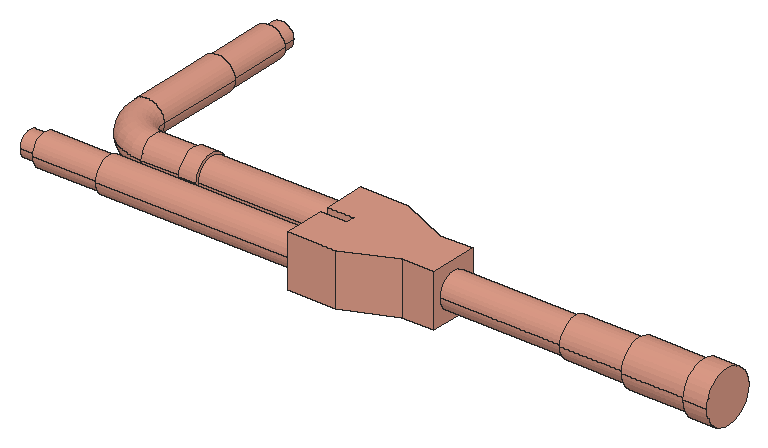
Revit family "outputfile", category 配管付属品, Revit 2024
Family settings
  丸型コネクタ寸法 = 半径を使用
  パーツ タイプ = 標準
  OmniClass 番号 = 23.65.55.00
  OmniClass タイトル = Distribution of Supplied Liquids/Gases
  作業面ベース = いいえ
  常に垂直 = はい
  ロード時にボイドで切り取り = いいえ
  共有 = いいえ
Parameters (values of type "BHFP26MA56")
  Description = ""
  製造元 = "Daikin"
  書き出し IFC クラス(タイプ) = "IfcPipeFittingType"
  Default Elevation = 0.0 mm
  定義済み IFC タイプ(タイプ) = "JUNCTION"
  Cost = 0
  モデル = "BHFP26MA56"
  Type Comments = ""
  Keynote = ""
  Type Image = (empty or 0)
  Assembly Code = ""
  table_PipeToCU_B [instance] = if(mm⇔inch, "Multi Module Kit_BHFP26MA-_Liquid_PipeToCU_B", "Multi Module Kit_BHFP26MA-_Liquid_PipeToCU_B_inch")  # "Multi Module Kit_BHFP26MA-_Liquid_PipeToCU_B"
  table_PipeToCU_A [instance] = if(mm⇔inch, "Multi Module Kit_BHFP26MA-_Liquid_PipeToCU_A", "Multi Module Kit_BHFP26MA-_Liquid_PipeToCU_A_inch")  # "Multi Module Kit_BHFP26MA-_Liquid_PipeToCU_A"
  table_ToMainPipe [instance] = if(mm⇔inch, "Multi Module Kit_BHFP26MA-_Liquid_ToMainPipe", "Multi Module Kit_BHFP26MA-_Liquid_ToMainPipe_inch")  # "Multi Module Kit_BHFP26MA-_Liquid_ToMainPipe"
  switch_ToMainPipe3 [instance] = if(number_ToMainPipe < 3, 1 = 0, 1 = 1)  # yes
  switch_PipeToCU_B Reducer [instance] = if(and(Is_PipeToCU_B Reducer = 1, judge_IsOffsetPipe_ToOutdoorUnitB = 0), 1 = 1, 1 = 0)  # no
  switch_PipeToCU_B4 [instance] = if(number_PipeToCU_B < 4, 1 = 0, 1 = 1)  # no
  switch_PipeToCU_B3 [instance] = if(number_PipeToCU_B < 3, 1 = 0, 1 = 1)  # no
  switch_PipeToCU_B2 [instance] = if(number_PipeToCU_B < 2, 1 = 0, 1 = 1)  # yes
  switch_PipeToCU_A Reducer [instance] = if(Is_PipeToCU_A Reducer = 1, 1 = 1, 1 = 0)  # yes
  switch_ToMainPipe Reducer [instance] = if(Is_ToMainPipe Reducer = 1, 1 = 1, 1 = 0)  # no
  switch_ToMainPipe2 [instance] = if(number_ToMainPipe < 2, 1 = 0, 1 = 1)  # yes
  r_PipeToCU_B_ActualDiameter [instance] = PipeToCU_B_Liquid_ActualDiameter / 2  # 4.75 mm
  r_PipeToCU_A_ActualDiameter [instance] = PipeToCU_A_Liquid_ActualDiameter / 2  # 4.75 mm
  r_ToMainPipe_ActualDiameter [instance] = ToMainPipe_Liquid_ActualDiameter / 2  # 11.1 mm
  number_PipeToCU_B ReducerPipe [instance] = size_lookup(table_PipeToCU_B, "reducerPipeNumber", 0, モデル, judge_IsOffsetPipe_ToOutdoorUnitB, PipeToCU_B_Liquid_ActualDiameter)  # 0
  number_PipeToCU_B [instance] = size_lookup(table_PipeToCU_B, "pipeNumber", 2, モデル, judge_IsOffsetPipe_ToOutdoorUnitB, PipeToCU_B_Liquid_ActualDiameter)  # 2
  number_PipeToCU_A ReducerPipe [instance] = size_lookup(table_PipeToCU_A, "reducerPipeNumber", 3, モデル, PipeToCU_A_Liquid_ActualDiameter)  # 3
  number_ToMainPipe [instance] = size_lookup(table_ToMainPipe, "pipeNumber", 3, モデル, ToMainPipe_Liquid_ActualDiameter)  # 3
  mm⇔inch [instance] = yes
  l_ToMainPipe3 [instance] = size_lookup(table_ToMainPipe, "L_Pipe3", 11.0 mm, モデル)  # 11.0 mm
  judge_IsOffsetPipe_ToOutdoorUnitB [instance] = 0  # constant formula
  Unit Type = "BHFP26MA-_Liquid"
  Uniclass2015Version = "Products v1.31"
  Uniclass2015Title = "Copper pipe fittings"
  Uniclass2015Code = "Pr_65_52_63_18"
  URL = ""
  ToMainPipe_Liquid_Status [instance] = size_lookup(table_ToMainPipe, "Information", "The connected pipe size is not available.", モデル, ToMainPipe_Liquid_ActualDiameter)  # "Default connector size is used."
  ToMainPipe_Liquid_ActualDiameter [instance] = 22.2 mm
  Tag No. [instance] = ""
  Series = "Multi Module kit"
  PipeToCU_B_Liquid_Status [instance] = size_lookup(table_PipeToCU_B, "Information", "The connected pipe size is not available.", モデル, judge_IsOffsetPipe_ToOutdoorUnitB, PipeToCU_B_Liquid_ActualDiameter)  # "Default connector size is used."
  PipeToCU_B_Liquid_ActualDiameter [instance] = 9.5 mm
  PipeToCU_A_Liquid_Status [instance] = size_lookup(table_PipeToCU_A, "Information", "The connected pipe size is not available.", モデル, PipeToCU_A_Liquid_ActualDiameter)  # "Reducer is used at connector."
  PipeToCU_A_Liquid_ActualDiameter [instance] = 9.5 mm
  O.D_PipeToCU_B Reducer [instance] = size_lookup(table_PipeToCU_B, "O.D_reducer", 2.0 mm, モデル, judge_IsOffsetPipe_ToOutdoorUnitB, PipeToCU_B_Liquid_ActualDiameter)  # 2.0 mm
  Material_Piping = DAIKIN_Copper_Pipe
  Material_Insulation = DAIKIN_White_Insulation
  location_PipeToCU_A connector [instance] = size_lookup(table_PipeToCU_A, "Locationconnector", 107.0 mm, モデル, PipeToCU_A_Liquid_ActualDiameter)  # 107.0 mm
  l_PipeToCU_B connector [instance] = size_lookup(table_PipeToCU_B, "Length", 128.0 mm, モデル, judge_IsOffsetPipe_ToOutdoorUnitB, PipeToCU_B_Liquid_ActualDiameter)  # 128.0 mm
  l_PipeToCU_B Reducer [instance] = 80.0 mm  # constant formula
  l_PipeToCU_B4 [instance] = size_lookup(table_PipeToCU_B, "L_Pipe4", 2.0 mm, モデル)  # 2.0 mm
  l_PipeToCU_B3 [instance] = size_lookup(table_PipeToCU_B, "L_Pipe3", 2.0 mm, モデル)  # 2.0 mm
  l_PipeToCU_B2 [instance] = size_lookup(table_PipeToCU_B, "L_Pipe2", 7.0 mm, モデル)  # 7.0 mm
  l_PipeToCU_B1 [instance] = size_lookup(table_PipeToCU_B, "L_Pipe1", 30.0 mm, モデル)  # 30.0 mm
  l_PipeToCU_B0 [instance] = size_lookup(table_PipeToCU_B, "L_Pipe0", 91.0 mm, モデル)  # 91.0 mm
  l_PipeToCU_A connector [instance] = size_lookup(table_PipeToCU_A, "Length", 97.0 mm, モデル, PipeToCU_A_Liquid_ActualDiameter)  # 97.0 mm
  l_PipeToCU_A1 [instance] = size_lookup(table_PipeToCU_A, "L_Pipe1", 8.0 mm, モデル)  # 8.0 mm
  l_PipeToCU_A0 [instance] = size_lookup(table_PipeToCU_A, "L_Pipe0", 62.0 mm, モデル)  # 62.0 mm
  l_ToMainPipe connector [instance] = size_lookup(table_ToMainPipe, "Length", 128.0 mm, モデル, ToMainPipe_Liquid_ActualDiameter)  # 128.0 mm
  l_ToMainPipe Reducer [instance] = size_lookup(table_ToMainPipe, "L_Reducer", 2.0 mm, モデル, ToMainPipe_Liquid_ActualDiameter)  # 2.0 mm
  l_ToMainPipe2 [instance] = size_lookup(table_ToMainPipe, "L_Pipe2", 30.0 mm, モデル)  # 30.0 mm
  l_ToMainPipe1 [instance] = size_lookup(table_ToMainPipe, "L_Pipe1", 30.0 mm, モデル)  # 30.0 mm
  l_ToMainPipe0 [instance] = size_lookup(table_ToMainPipe, "L_Pipe0", 57.0 mm, モデル)  # 57.0 mm
  judge_JointType(1or2) = 2
  count_PipeToCU_B Reducer [instance] = 0  # constant formula
  count_PipeToCU_A Reducer [instance] = size_lookup(table_PipeToCU_A, "reducerCount", 1, モデル, PipeToCU_A_Liquid_ActualDiameter)  # 1
  angle_PipeToCU_A Pipe [instance] = if([RotateBranchPipetoCU_A_-90°], 270.00°, 0.00°)  # 0.00°
  angle_PipeToCU_A Connector [instance] = angle_PipeToCU_A Pipe + 90.00°  # 90.00°
  PipeToCU_B_Liquid_AvailableDiameter [instance] = size_lookup(table_PipeToCU_B, "sizeVariation", "", モデル, judge_IsOffsetPipe_ToOutdoorUnitB)  # "9.5/12.7mm"
  PipeToCU_A_Liquid_AvailableDiameter [instance] = size_lookup(table_PipeToCU_A, "sizeVariation", "", モデル)  # "9.5/12.7mm"
  ToMainPipe_Liquid_AvailableDiameter [instance] = size_lookup(table_ToMainPipe, "sizeVariation", "", モデル)  # "15.9/19.1/22.2mm"
  RotateBranchPipetoCU_A_-90° [instance] = no
  O.D_ToMainPipe Reducer [instance] = size_lookup(table_ToMainPipe, "O.D_reducer", 2.0 mm, モデル, ToMainPipe_Liquid_ActualDiameter)  # 2.0 mm
  Link_Nested Family [instance] = ""
  Is_PipeToCU_B Reducer [instance] = size_lookup(table_PipeToCU_B, "IsReducer", 0, モデル, judge_IsOffsetPipe_ToOutdoorUnitB, PipeToCU_B_Liquid_ActualDiameter)  # 0
  Is_PipeToCU_A Reducer [instance] = size_lookup(table_PipeToCU_A, "IsReducer", 1, モデル, PipeToCU_A_Liquid_ActualDiameter)  # 1
  Is_ToMainPipe Reducer [instance] = size_lookup(table_ToMainPipe, "IsReducer", 0, モデル, ToMainPipe_Liquid_ActualDiameter)  # 0
  IfcVersion = ""
  IfcExportType = "JUNCTION"
  IfcExportAs = "IfcPipeFittingType"
  I.D_ToMainPipe3 [instance] = size_lookup(table_ToMainPipe, "I.D_PipeSize3", 22.2 mm, モデル)  # 22.2 mm
  I.D_PipeToCU_B Reducer [instance] = size_lookup(table_PipeToCU_B, "I.D_reducer", 2.0 mm, モデル, judge_IsOffsetPipe_ToOutdoorUnitB, PipeToCU_B_Liquid_ActualDiameter)  # 2.0 mm
  Attach_Insulation [instance] = no
  I.D_PipeToCU_B4 [instance] = size_lookup(table_PipeToCU_B, "I.D_PipeSize4", 2.0 mm, モデル)  # 2.0 mm
  I.D_PipeToCU_B3 [instance] = size_lookup(table_PipeToCU_B, "I.D_PipeSize3", 2.0 mm, モデル)  # 2.0 mm
  I.D_PipeToCU_B2 [instance] = size_lookup(table_PipeToCU_B, "I.D_PipeSize2", 9.5 mm, モデル)  # 9.5 mm
  I.D_PipeToCU_B1 [instance] = size_lookup(table_PipeToCU_B, "I.D_PipeSize1", 12.7 mm, モデル)  # 12.7 mm
  I.D_PipeToCU_B0 [instance] = size_lookup(table_PipeToCU_B, "I.D_PipeSize0", 13.9 mm, モデル)  # 13.9 mm
  I.D_PipeToCU_A1 [instance] = 15.5 mm  # constant formula
  I.D_PipeToCU_A0 [instance] = 13.9 mm  # constant formula
  I.D_ToMainPipe Reducer [instance] = size_lookup(table_ToMainPipe, "I.D_reducer", 2.0 mm, モデル, ToMainPipe_Liquid_ActualDiameter)  # 2.0 mm
  I.D_ToMainPipe2 [instance] = size_lookup(table_ToMainPipe, "I.D_PipeSize2", 19.1 mm, モデル)  # 19.1 mm
  I.D_ToMainPipe1 [instance] = size_lookup(table_ToMainPipe, "I.D_PipeSize1", 15.9 mm, モデル)  # 15.9 mm
  I.D_ToMainPipe0 [instance] = size_lookup(table_ToMainPipe, "I.D_PipeSize0", 13.9 mm, モデル)  # 13.9 mm
Reference planes
  plane 1 "Center (Front/Back)": y = 0
  plane 2: z = 0
  plane 3 "pipe2": x = 225.65
  plane 4: x = 195.65
  plane 5: x = 165.65
  plane 6: x = 108.65
  plane 7: x = 48.65
  plane 8: x = -21.35
  plane 9: x = -42.35
  plane 10: x = -72.35
  plane 11: x = -79.35
  plane 12: x = -81.35
  plane 13: x = -83.35
  plane 14 "offset_center": y = 11.5
  plane 15: y = -11.5
  plane 16: x = -13.35
  plane 17: x = 158.65
  plane 18 "ToMainPipe_connector": x = 236.65
  plane 19 "connector_OutdoorunitA": x = -58.35
  plane 20 "connector_ToOutdoorUnitB": x = -104.35
  plane 21 "pipe3": x = 236.65
  plane 22 "connector_PipeToCU_B": x = -79.35
Forms (mm)
  Extrusion 1, solid, material "DAIKIN_Copper_Pipe" <- "Material_Piping"
    sketch origin (0, 0, 0) x (1, 0, 0) y (0, 1, 0)
      loop
        line (48.65, 1.998) -> (60.65, 1.998) -> (60.65, -1.998) -> (48.65, -1.998) -> (48.65, -21.2) -> (70.801, -21.2) -> (93.65, -11.3) -> (108.65, -11.3) -> (108.65, 11.3) -> (93.65, 11.3) -> (70.801, 21.2) -> (48.65, 21.2) -> (48.65, 1.998)
    from -12.2 to 12.2
Dimensions and locks
  locked: plane 6 to plane 17 at 50
  "l_PipeToCU_A1": plane 8 to plane 16
  "l_PipeToCU_B1": plane 10 to plane 9
  "l_PipeToCU_B2": plane 11 to plane 10
  "l_PipeToCU_B3": plane 12 to plane 11
  "l_PipeToCU_B4": plane 13 to plane 12
  locked: plane 7 to plane 6 at 60
  "l_ToMainPipe1": plane 5 to plane 4
  "l_ToMainPipe2": plane 4 to plane 3 "pipe2"
  "l_ToMainPipe0": plane 6 to plane 5
  "l_ToMainPipe connector": plane 6 to plane 18 "ToMainPipe_connector"
  plane 14 "offset_center" to plane 1 "Center (Front/Back)" to plane 15 = 11.5 mm locked, 11.5 mm locked
  locked: plane 1 "Center (Front/Back)" to Extrusion 1 sketch curve at 11.3  (x2)
  locked: Extrusion 1 sketch curve to plane 1 "Center (Front/Back)" at 21.2
  locked: plane 1 "Center (Front/Back)" to Extrusion 1 sketch curve at 21.2
  "l_PipeToCU_A0": plane 16 to plane 7
  "location_PipeToCU_A connector": plane 19 "connector_OutdoorunitA" to plane 7
  "l_PipeToCU_B0": plane 9 to plane 7
  "l_ToMainPipe3": plane 3 "pipe2" to plane 21 "pipe3"
  "l_PipeToCU_B connector": plane 22 "connector_PipeToCU_B" to plane 7
  aligned and locked: level to plane 2
  aligned and locked: plane 2 to nested 1
  aligned and locked: plane 1 "Center (Front/Back)" to nested 1
  aligned and locked: plane 3 "pipe2" to nested 1
  aligned and locked: plane 4 to nested 1
  aligned and locked: plane 4 to nested 2
  aligned and locked: plane 5 to nested 2
  aligned and locked: plane 5 to nested 3
  aligned and locked: plane 6 to nested 3
  aligned and locked: plane 6 to Extrusion 1
  aligned and locked: Extrusion 1 to plane 7  (x2)
  aligned and locked: plane 7 to nested 4
  aligned and locked: plane 8 to nested 5
  aligned and locked: plane 16 to nested 5
  aligned and locked: nested 5 to plane 14 "offset_center"
  aligned and locked: nested 6 to plane 15
  aligned and locked: plane 7 to nested 6
  aligned and locked: plane 9 to nested 6
  aligned and locked: plane 10 to nested 7
  aligned and locked: plane 9 to nested 7
  aligned and locked: plane 11 to nested 8
  aligned and locked: plane 10 to nested 8
  aligned and locked: plane 12 to nested 9
  aligned and locked: plane 11 to nested 9
  aligned and locked: plane 13 to nested 10
  aligned and locked: plane 12 to nested 10
  aligned and locked: nested 10 to plane 15
  aligned and locked: nested 9 to plane 15
  aligned and locked: nested 8 to plane 15
  aligned and locked: nested 7 to plane 15
  aligned and locked: plane 1 "Center (Front/Back)" to nested 11
  aligned and locked: plane 17 to nested 11
  aligned and locked: plane 16 to nested 4
  aligned and locked: nested 12 to plane 14 "offset_center"
  aligned and locked: plane 8 to nested 12
  aligned and locked: plane 1 "Center (Front/Back)" to nested 13
  aligned and locked: plane 18 "ToMainPipe_connector" to nested 13
  aligned and locked: plane 6 to nested 14
  aligned and locked: plane 1 "Center (Front/Back)" to nested 3
  aligned and locked: plane 14 "offset_center" to nested 15
  aligned and locked: nested 15 to plane 19 "connector_OutdoorunitA"
  aligned and locked: nested 16 to plane 7
  aligned and locked: nested 4 to plane 14 "offset_center"
  aligned and locked: plane 3 "pipe2" to nested 17
  aligned and locked: plane 21 "pipe3" to nested 17
  aligned and locked: nested 16 to plane 15
  aligned and locked: nested 18 to plane 22 "connector_PipeToCU_B"
  aligned and locked: plane 15 to nested 18
Automatic sketch dimensions
  Extrusion 1 sketch curve to plane 7 = 0.0 mm  (x2)
  Extrusion 1 sketch curve to plane 6 = 0.0 mm
  Extrusion 1 sketch curve to plane 1 "Center (Front/Back)" = 1.998 mm
  plane 7 to Extrusion 1 sketch curve = 12.0 mm
  Extrusion 1 sketch curve to Extrusion 1 sketch curve = 10.151 mm  (x2)
  Extrusion 1 sketch curve to Extrusion 1 sketch curve = 15.0 mm  (x2)
  plane 1 "Center (Front/Back)" to Extrusion 1 sketch curve = 1.998 mm
Nested families
  nested 1: "daikin_Pipe" at (210.65, 0, 0), I.D_Pipe <- "I.D_ToMainPipe2", display <- "switch_ToMainPipe2", type "*"
    with length_Pipe 30.0 mm, display yes, O.D_Pipe 21.1 mm, I.D_Pipe 19.1 mm
  nested 2: "daikin_Pipe" at (180.65, 0, 0), I.D_Pipe <- "I.D_ToMainPipe1", type "*"
    with length_Pipe 30.0 mm, display yes, O.D_Pipe 17.9 mm, I.D_Pipe 15.9 mm
  nested 3: "daikin_Pipe" at (137.15, 0, 0), I.D_Pipe <- "I.D_ToMainPipe0", type "*"
    with length_Pipe 57.0 mm, display yes, O.D_Pipe 15.9 mm, I.D_Pipe 13.9 mm
  nested 4: "daikin_Pipe" at (17.65, 11.5, 0), I.D_Pipe <- "I.D_PipeToCU_A0", type "*"
    with length_Pipe 62.0 mm, display yes, O.D_Pipe 15.9 mm, I.D_Pipe 13.9 mm
  nested 5: "daikin_Pipe" at (-17.35, 11.5, 0), I.D_Pipe <- "I.D_PipeToCU_A1", type "*"
    with length_Pipe 8.0 mm, display yes, O.D_Pipe 17.5 mm, I.D_Pipe 15.5 mm
  nested 6: "daikin_Pipe" at (3.15, -11.5, 0), I.D_Pipe <- "I.D_PipeToCU_B0", type "*"
    with length_Pipe 91.0 mm, display yes, O.D_Pipe 15.9 mm, I.D_Pipe 13.9 mm
  nested 7: "daikin_Pipe" at (-57.35, -11.5, 0), I.D_Pipe <- "I.D_PipeToCU_B1", type "*"
    with length_Pipe 30.0 mm, display yes, O.D_Pipe 14.7 mm, I.D_Pipe 12.7 mm
  nested 8: "daikin_Pipe" at (-75.85, -11.5, 0), I.D_Pipe <- "I.D_PipeToCU_B2", display <- "switch_PipeToCU_B2", type "*"
    with length_Pipe 7.0 mm, display yes, O.D_Pipe 11.5 mm, I.D_Pipe 9.5 mm
  nested 9: "daikin_Pipe" at (-80.35, -11.5, 0), display <- "switch_PipeToCU_B3", I.D_Pipe <- "I.D_PipeToCU_B3", visible <- "switch_PipeToCU_B3", type "*"
    with length_Pipe 2.0 mm, display no, O.D_Pipe 4.0 mm, I.D_Pipe 2.0 mm
  nested 10: "daikin_Pipe" at (-82.35, -11.5, 0), display <- "switch_PipeToCU_B4", I.D_Pipe <- "I.D_PipeToCU_B4", visible <- "switch_PipeToCU_B4", type "*"
    with length_Pipe 2.0 mm, display no, O.D_Pipe 4.0 mm, I.D_Pipe 2.0 mm
  nested 11: "daikin_MultiModeluKit_Insulation" at (158.65, 0, 0), display <- "Attach_Insulation", type "*"
    with h 54.2 mm, display no, I.D_Outlet PipeSize 22.2 mm
  nested 12: "daikin_Multi Module kit_Reducer90_rotate" at (-21.35, 11.5, 0), number_reducerPipe <- "number_PipeToCU_A ReducerPipe", angle_Pipe <- "angle_PipeToCU_A Pipe", I.D_Pipe <- "PipeToCU_A_Liquid_ActualDiameter", count_Reducer <- "count_PipeToCU_A Reducer", type "*"
    with number_reducerPipe 3, display_Pipe2 yes, display_Pipe1 yes, count_Reducer 1, angle_Pipe 0.00°, I.D_Pipe 9.5 mm
  nested 13: "daikin_Pipe_reducer" at (235.65, 0, 0), I.D_Pipe1 <- "I.D_ToMainPipe Reducer", O.D_Pipe2 <- "O.D_ToMainPipe Reducer", length_Pipe <- "l_ToMainPipe Reducer", display <- "switch_ToMainPipe Reducer", type "*"
    with length_Pipe 2.0 mm, display no, O.D_Pipe2 2.0 mm, O.D_Pipe1 4.0 mm, I.D_Pipe2 0.0 mm, I.D_Pipe1 2.0 mm
  nested 14: "daikin_connector_rotate3" at (108.65, 0, 0) x (0, 1, 0) z (0, 0, 1), length <- "l_ToMainPipe connector", type "daikin_connector_rotate3"
    with radius 10.0 mm, length 128.0 mm, angle_vertical 90.00°, angle_horizontal 0.00°
  nested 15: "daikin_connector_rotate3" at (-58.35, 11.5, 0) x (-1, 0, 0) z (0, 0, 1), length <- "l_PipeToCU_A connector", angle_vertical <- "angle_PipeToCU_A Connector", type "daikin_connector_rotate3"
    with radius 10.0 mm, length 97.0 mm, angle_vertical 90.00°, angle_horizontal 0.00°
  nested 16: "daikin_connector_rotate3" at (48.65, -11.5, 0) x (0, -1, 0) z (0, 0, 1), length <- "l_PipeToCU_B connector", type "daikin_connector_rotate3"
    with radius 10.0 mm, length 128.0 mm, angle_vertical 90.00°, angle_horizontal 0.00°
  nested 17: "daikin_Pipe" at (231.15, 0, 0), display <- "switch_ToMainPipe3", I.D_Pipe <- "I.D_ToMainPipe3", type "*"
    with length_Pipe 11.0 mm, display yes, O.D_Pipe 24.2 mm, I.D_Pipe 22.2 mm
  nested 18: "daikin_Pipe_reducer" at (-39.35, -11.5, 0) x (-1, 0, 0) z (0, 0, 1), length_Pipe <- "l_PipeToCU_B Reducer", I.D_Pipe1 <- "I.D_PipeToCU_B Reducer", O.D_Pipe2 <- "O.D_PipeToCU_B Reducer", display <- "switch_PipeToCU_B Reducer", type "*"
    with length_Pipe 80.0 mm, display no, O.D_Pipe2 2.0 mm, O.D_Pipe1 4.0 mm, I.D_Pipe2 0.0 mm, I.D_Pipe1 2.0 mm
Connectors
  piping at (236.65, 0, 0), diameter 22.2, driven by "r_ToMainPipe_ActualDiameter"
    settings: on nested 14, index 1, connector inside diameter 609.6 mm, connector length 0.0 mm, flow factor 0, pipe flow 0.00 m³/h, pressure drop 0.0 Pa, fitting loss kfactor 0, connector angle 0.00°, fixture units 0, engagement length 0.0 mm, angle of deflection 0.00°, flow configuration 0, flow direction 2, fitting loss method 0, system type 29, joint type 0, gender type 0, connector reference index -1, connector utility 0, adjustable connector no, is connector primary yes, connector description "Multi Module kit_to Main Pipe_Liquid"
  piping at (-58.35, 108.5, 0), diameter 9.5, driven by "r_PipeToCU_A_ActualDiameter"
    settings: on nested 15, index 2, connector inside diameter 609.6 mm, connector length 0.0 mm, flow factor 0, pipe flow 0.00 m³/h, pressure drop 0.0 Pa, fitting loss kfactor 0, connector angle 0.00°, fixture units 0, engagement length 0.0 mm, angle of deflection 0.00°, flow configuration 0, flow direction 1, fitting loss method 0, system type 29, joint type 0, gender type 0, connector reference index -1, connector utility 0, adjustable connector no, is connector primary no, connector description "Multi Module kit_Piping to CU-A_Liquid"
  piping at (-79.35, -11.5, 0), diameter 9.5, driven by "r_PipeToCU_B_ActualDiameter"
    settings: on nested 16, index 3, connector inside diameter 609.6 mm, connector length 0.0 mm, flow factor 0, pipe flow 0.00 m³/h, pressure drop 0.0 Pa, fitting loss kfactor 0, connector angle 0.00°, fixture units 0, engagement length 0.0 mm, angle of deflection 0.00°, flow configuration 0, flow direction 1, fitting loss method 0, system type 29, joint type 0, gender type 0, connector reference index -1, connector utility 0, adjustable connector no, is connector primary no, connector description "Multi Module kit_Piping to CU-B_Liquid"
Definition of nested family "daikin_Pipe"
  Parameters (values of type "*")
    Default Elevation = 0.0 mm
    material = none
    length_Pipe [instance] = 150.0 mm
    display [instance] = yes
    O.D_Pipe [instance] = I.D_Pipe + 2.0 mm  # 27.0 mm
    I.D_Pipe [instance] = 25.0 mm
  Reference planes
    plane 1 "Center (Front/Back)": y = 0
    plane 2 "center(vertical)": z = 0
    plane 3 "Center (Left/Right)": x = 0
    plane 4 "left": x = -75
    plane 5 "right": x = 75
  Forms (mm)
    Extrusion 1, solid, material <- "material", visible <- "display"
      sketch origin (0, 0, 0) x (0, 1, 0) y (0, 0, 1)
        loop
          circle (0, 0) r 13.5
      from -75 to 75
  Dimensions and locks
    equal spacing: plane 4 "left", plane 3 "Center (Left/Right)", plane 5 "right"
    "length_Pipe": plane 4 "left" to plane 5 "right"
    "O.D_Pipe": diameter of Extrusion 1 sketch curve
    aligned and locked: level to plane 2 "center(vertical)"
    aligned and locked: plane 2 "center(vertical)" to Extrusion 1 sketch curve
    aligned and locked: plane 1 "Center (Front/Back)" to Extrusion 1 sketch curve
    aligned and locked: plane 5 "right" to Extrusion 1
    aligned and locked: Extrusion 1 to plane 4 "left"
Definition of nested family "daikin_Multi Module kit_Reducer90_rotate"
  Parameters (values of type "*")
    Default Elevation = 0.0 mm
    number_reducerPipe [instance] = 4
    material_Pipe = none
    display_Pipe2 [instance] = if(number_reducerPipe < 3, 1 = 0, 1 = 1)  # yes
    display_Pipe1 [instance] = if(number_reducerPipe < 2, 1 = 0, 1 = 1)  # yes
    count_Reducer [instance] = 0
    angle_Pipe [instance] = 30.00°
    I.D_Pipe [instance] = 0.0 mm
  Reference planes
    plane 1 "Center (Front/Back)": y = 0
    plane 2: z = 0
    plane 3 "Center (Left/Right)": x = 0
  Dimensions and locks
    "angle_Pipe": angle plane 2 to nested 1
    aligned and locked: level to plane 2
  Nested families
    nested 1: "daikin_Multi Module kit_Reducer90" at (0, 0, 0) x (1, 0, 0) z (0, -0.5, 0.866), display_Pipe2 <- "display_Pipe2", display_Pipe1 <- "display_Pipe1", I.D_connector <- "I.D_Pipe", count_Reducer <- "count_Reducer", type "*"
      with display_Reducer no, display_Pipe2 yes, display_Pipe1 yes, count_Reducer 0, I.D_connector 0.0 mm
  Definition of nested family "daikin_Multi Module kit_Reducer90"
    Parameters (values of type "*")
      Default Elevation = 0.0 mm
      material_Pipe = none
      display_Reducer [instance] = and(I.D_connector = 19.1 mm, count_Reducer = 2)  # no
      display_Pipe2 [instance] = yes
      display_Pipe1 [instance] = yes
      count_Reducer [instance] = 0
      O.D_Pipe2 = 9.5 mm + 2.0 mm  # 11.5 mm
      O.D_Pipe1 = 12.7 mm + 2.0 mm  # 14.7 mm
      O.D_Pipe0 = 15.9 mm  # constant formula
      I.D_connector [instance] = 0.0 mm
    Reference planes
      plane 1 "Center (Front/Back)": y = 0
      plane 2 "center_vertical": z = 0
      plane 3 "Center (Left/Right)": x = 0
      plane 4 "center_toOutdoor": x = -37
      plane 5: y = 60
      plane 6: y = 90
      plane 7: y = 97
    Forms (mm)
      Sweep 1, solid, material <- "material_Pipe"
        path origin (0, 0, 0) x (1, 0, 0) y (0, 1, 0)
          loop
            line (0, 0) -> (-18.241, 0)
            arc (-18.241, 0) -> (-31.506, 5.494) -> (-37, 18.759) r 18.759
            line (-37, 18.759) -> (-37, 60)
        profile origin (-9.12, 0, 0) x (0, -1, 0) y (0, 0, 1)
          loop
            circle (0, 0) r 7.95
      Extrusion 2, solid, material <- "material_Pipe", visible <- "display_Pipe1"
        sketch origin (0, 0, 0) x (1, 0, 0) y (0, 0, 1)
          loop
            circle (-37, 0) r 7.35
        from -90 to -60
      Extrusion 3, solid, material <- "material_Pipe", visible <- "display_Pipe2"
        sketch origin (75, -2.05, 0) x (1, 0, 0) y (0, 0, 1)
          loop
            circle (-112, 0) r 5.75
        from -99.05 to -92.05
    Lines and regions (mm)
      reference lines
        curve 1: line (0, 0, 0) -> (-37, 0, 0)
    Dimensions and locks
      plane 1 "Center (Front/Back)" to plane 5 = 60.0 mm
      plane 6 to plane 5 = 30.0 mm
      plane 7 to plane 6 = 7.0 mm
      plane 4 "center_toOutdoor" to plane 3 "Center (Left/Right)" = 37.0 mm
      "O.D_Pipe2": diameter of Extrusion 3 sketch curve
      "O.D_Pipe0": diameter of Sweep 1 sketch curve
      "O.D_Pipe1": diameter of Extrusion 2 sketch curve
      aligned and locked: level to plane 2 "center_vertical"
      aligned and locked: plane 6 to Extrusion 2
      aligned and locked: Extrusion 2 to plane 5
      aligned and locked: Extrusion 3 to plane 6
      aligned and locked: Sweep 1 sketch curve to plane 1 "Center (Front/Back)"
      aligned and locked: plane 3 "Center (Left/Right)" to curve 1
      aligned and locked: curve 1 to plane 1 "Center (Front/Back)"
      aligned and locked: plane 7 to Extrusion 3
      aligned and locked: plane 6 to nested 1
      aligned and locked: plane 4 "center_toOutdoor" to nested 1
    Automatic sketch dimensions
      Sweep 1 sketch curve to plane 4 "center_toOutdoor" = 0.0 mm
      Sweep 1 sketch curve to plane 3 "Center (Left/Right)" = 0.0 mm
      Sweep 1 sketch curve to plane 5 = 0.0 mm
      Sweep 1 sketch curve to plane 3 "Center (Left/Right)" = 18.241 mm
      curve 1 to plane 4 "center_toOutdoor" = 0.0 mm
      Sweep 1 sketch curve to level = 0.0 mm
      Sweep 1 sketch curve to profile plane = 0.0 mm
      Extrusion 2 sketch curve to level = 0.0 mm
      Extrusion 2 sketch curve to plane 4 "center_toOutdoor" = 0.0 mm
      Extrusion 3 sketch curve to level = 0.0 mm
      Extrusion 3 sketch curve to plane 4 "center_toOutdoor" = 0.0 mm
    Nested families
      nested 1: "daikin_Pipe_reducer" at (-37, 130, 0) x (0, 1, 0) z (0, 0, 1), display <- "display_Reducer", type "*"
        with length_Pipe 80.0 mm, display no, O.D_Pipe2 12.7 mm, O.D_Pipe1 21.1 mm, I.D_Pipe2 10.7 mm, I.D_Pipe1 19.1 mm
    Definition of nested family "daikin_Pipe_reducer"
      Parameters (values of type "*")
        Default Elevation = 0.0 mm
        material = none
        length_Pipe [instance] = 250.0 mm
        display [instance] = yes
        O.D_Pipe2 [instance] = 19.1 mm
        O.D_Pipe1 [instance] = I.D_Pipe1 + 2.0 mm  # 24.2 mm
        I.D_Pipe2 [instance] = O.D_Pipe2 - 2.0 mm  # 17.1 mm
        I.D_Pipe1 [instance] = 22.2 mm
      Reference planes
        plane 1 "Center (Front/Back)": y = 0
        plane 2 "center(vertical)": z = 0
        plane 3 "Center (Left/Right)": x = 0
        plane 4 "connection": x = -125
        plane 5 "right": x = 113
        plane 6: x = 125
      Forms (mm)
        Extrusion 1, solid, material <- "material", visible <- "display"
          sketch origin (0, 0, 0) x (0, 1, 0) y (0, 0, 1)
            loop
              circle (0, 0) r 9.55
          from -125 to 113
        Extrusion 2, solid, material <- "material", visible <- "display"
          sketch origin (0, 0, 0) x (0, 1, 0) y (0, 0, 1)
            loop
              circle (0, 0) r 12.1
          from 113 to 125
      Dimensions and locks
        locked: plane 5 "right" to plane 6 at 12
        "length_Pipe": plane 4 "connection" to plane 6
        equal spacing: plane 4 "connection", plane 3 "Center (Left/Right)", plane 6
        "O.D_Pipe2": diameter of Extrusion 1 sketch curve
        "O.D_Pipe1": diameter of Extrusion 2 sketch curve
        aligned and locked: level to plane 2 "center(vertical)"
        aligned and locked: plane 2 "center(vertical)" to Extrusion 1 sketch curve
        aligned and locked: plane 1 "Center (Front/Back)" to Extrusion 1 sketch curve
        aligned and locked: plane 5 "right" to Extrusion 1
        aligned and locked: Extrusion 1 to plane 4 "connection"
        aligned and locked: plane 2 "center(vertical)" to Extrusion 2 sketch curve
        aligned and locked: plane 1 "Center (Front/Back)" to Extrusion 2 sketch curve
        aligned and locked: Extrusion 2 to plane 5 "right"
        aligned and locked: plane 6 to Extrusion 2
Definition of nested family "daikin_MultiModeluKit_Insulation"
  Parameters (values of type "*")
    Default Elevation = 0.0 mm
    Model = ""
    material = none
    h [instance] = (I.D_Outlet PipeSize + 2.0 mm) + 30.0 mm  # 47.0 mm
    display [instance] = yes
    I.D_Outlet PipeSize [instance] = 15.0 mm
  Reference planes
    plane 1 "Center (Front/Back)": y = 0
    plane 2: z = 0
    plane 3 "Left": x = 0
    plane 4 "top": z = 23.5
    plane 5 "bottom": z = -23.5
  Forms (mm)
    Extrusion 1, solid, material <- "material", visible <- "display"
      sketch origin (0, 0, 0) x (1, 0, 0) y (0, 1, 0)
        loop
          line (0, -22.3) -> (0, 22.3) -> (-101, 45.79) -> (-187, 45.79) -> (-187, 6.128) -> (-257, 10) -> (-257, -45.79) -> (-101, -45.79) -> (0, -22.3)
      from -23.5 to 23.5
  Dimensions and locks
    equal spacing: plane 4 "top", plane 2, plane 5 "bottom"
    "h": plane 4 "top" to plane 5 "bottom"
    equal spacing: Extrusion 1 sketch curve, plane 1 "Center (Front/Back)", Extrusion 1 sketch curve
    locked: Extrusion 1 sketch curve to plane 3 "Left" at 101  (x2)
    locked: Extrusion 1 sketch curve to plane 3 "Left" at 187
    locked: Extrusion 1 sketch curve to plane 3 "Left" at 257
    aligned and locked: level to plane 2
    aligned and locked: plane 3 "Left" to Extrusion 1
    aligned and locked: Extrusion 1 to plane 5 "bottom"
    aligned and locked: plane 4 "top" to Extrusion 1
  Automatic sketch dimensions
    Extrusion 1 sketch curve to plane 3 "Left" = 0.0 mm
    plane 1 "Center (Front/Back)" to Extrusion 1 sketch curve = 45.79 mm
    plane 1 "Center (Front/Back)" to Extrusion 1 sketch curve = 22.3 mm
    Extrusion 1 sketch curve to plane 1 "Center (Front/Back)" = 45.79 mm
    Extrusion 1 sketch curve to plane 1 "Center (Front/Back)" = 10.0 mm
    Extrusion 1 sketch curve to plane 1 "Center (Front/Back)" = 6.128 mm
Definition of nested family "daikin_Pipe_reducer"
  Parameters (values of type "*")
    Default Elevation = 0.0 mm
    material = none
    length_Pipe [instance] = 250.0 mm
    display [instance] = yes
    O.D_Pipe2 [instance] = 19.1 mm
    O.D_Pipe1 [instance] = I.D_Pipe1 + 2.0 mm  # 24.2 mm
    I.D_Pipe2 [instance] = O.D_Pipe2 - 2.0 mm  # 17.1 mm
    I.D_Pipe1 [instance] = 22.2 mm
  Reference planes
    plane 1 "Center (Front/Back)": y = 0
    plane 2 "center(vertical)": z = 0
    plane 3 "Center (Left/Right)": x = 0
    plane 4 "connection": x = -125
    plane 5 "right": x = 113
    plane 6: x = 125
  Forms (mm)
    Extrusion 1, solid, material <- "material", visible <- "display"
      sketch origin (0, 0, 0) x (0, 1, 0) y (0, 0, 1)
        loop
          circle (0, 0) r 9.55
      from -125 to 113
    Extrusion 2, solid, material <- "material", visible <- "display"
      sketch origin (0, 0, 0) x (0, 1, 0) y (0, 0, 1)
        loop
          circle (0, 0) r 12.1
      from 113 to 125
  Dimensions and locks
    locked: plane 5 "right" to plane 6 at 12
    "length_Pipe": plane 4 "connection" to plane 6
    equal spacing: plane 4 "connection", plane 3 "Center (Left/Right)", plane 6
    "O.D_Pipe2": diameter of Extrusion 1 sketch curve
    "O.D_Pipe1": diameter of Extrusion 2 sketch curve
    aligned and locked: level to plane 2 "center(vertical)"
    aligned and locked: plane 2 "center(vertical)" to Extrusion 1 sketch curve
    aligned and locked: plane 1 "Center (Front/Back)" to Extrusion 1 sketch curve
    aligned and locked: plane 5 "right" to Extrusion 1
    aligned and locked: Extrusion 1 to plane 4 "connection"
    aligned and locked: plane 2 "center(vertical)" to Extrusion 2 sketch curve
    aligned and locked: plane 1 "Center (Front/Back)" to Extrusion 2 sketch curve
    aligned and locked: Extrusion 2 to plane 5 "right"
    aligned and locked: plane 6 to Extrusion 2
Definition of nested family "daikin_connector_rotate3"
  Parameters (values of type "daikin_connector_rotate3")
    Default Elevation = 1219.2 mm
    show_face = no
    show_circle = no
    radius [instance] = 10.0 mm
    length [instance] = 600.0 mm
    angle_horizontal [instance] = 60.00°
    angle_vertical [instance] = 90.00°
  Reference planes
    plane 1 "Center (Front/Back)": y = 0
    plane 2: z = 0
    plane 3 "Center (Left/Right)": x = 0
  Dimensions and locks
    "angle_horizontal": angle plane 3 "Center (Left/Right)" to nested 1
    aligned and locked: level to plane 2
    aligned and locked: plane 1 "Center (Front/Back)" to nested 1  (x2)
    aligned and locked: plane 3 "Center (Left/Right)" to nested 1
  Nested families
    nested 1: "daikin_connector_rotate2" at (0, 0, 0) x (0.5, 0.866, 0) z (0, 0, 1), angle_vertical <- "angle_vertical", length <- "length", radius <- "radius", type "daikin_connector_rotate2"
      with radius 10.0 mm, length 600.0 mm, angle_vertical 90.00°, Default Elevation 0.0 mm, show_circle no
  Definition of nested family "daikin_connector_rotate2"
    Parameters (values of type "daikin_connector_rotate2")
      Default Elevation = 1219.2 mm
      show_face = no
      show_circle = yes
      radius [instance] = 10.0 mm
      length [instance] = 600.0 mm
      d_surface = 10.0 mm
      angle_vertical [instance] = 90.00°
    Reference planes
      plane 1 "Center (Front/Back)": y = 0
      plane 2: z = 0
      plane 3 "Center (Left/Right)": x = 0
    Forms (mm)
      Extrusion 1, solid, visible <- "show_face"
        sketch origin (0, -600, 0) x (1, 0, 0) y (0, 0, 1)
          loop
            circle (0, 0) r 10
        from 0 to -10
    Lines and regions (mm)
      reference lines
        curve 1: line (0, 0, 0) -> (0, -600, 0)
      symbolic lines, visible <- "show_circle"
        curve 2: circle (0, 0, 0) r 5 normal (0, 0, 1)
      model lines, visible <- "show_face"
        curve 3: line (0, 0, 0) -> (0, -600, 0)
    Dimensions and locks
      "length": curve 1 to curve 1
      "length": curve 3 to curve 3
      "d_surface": Extrusion 1 to Extrusion 1
      "radius": radius of Extrusion 1 sketch curve
      "angle_vertical": angle curve 1 to plane 1 "Center (Front/Back)"
      "angle_vertical": angle curve 3 to plane 1 "Center (Front/Back)"
      aligned and locked: level to plane 2
      aligned and locked: plane 1 "Center (Front/Back)" to curve 1
      aligned and locked: plane 2 to curve 1
      aligned and locked: plane 1 "Center (Front/Back)" to curve 2
      aligned and locked: plane 3 "Center (Left/Right)" to curve 2
      aligned and locked: plane 1 "Center (Front/Back)" to curve 3
      aligned and locked: plane 2 to curve 3
      aligned and locked: Extrusion 1 to Extrusion 1
    Automatic sketch dimensions
      Extrusion 1 sketch curve to level = 0.0 mm
      Extrusion 1 sketch curve to plane 3 "Center (Left/Right)" = 0.0 mm
      radius of curve 2 = 5.0 mm
